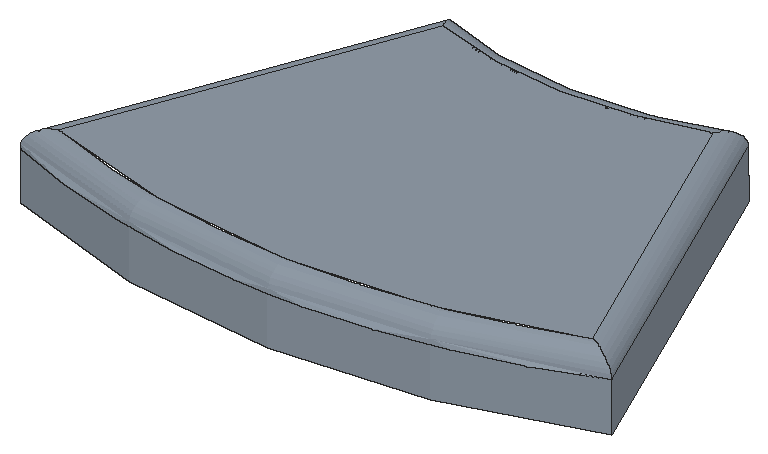
Revit family "FU_Seat_LAP0250TA", category Furniture, Revit 2020
Family settings
  OmniClass Number = 23.40.20.00
  OmniClass Title = General Furniture and Specialties
  Work Plane-Based = No
  Always vertical = Yes
  Cut with Voids When Loaded = No
  Shared = No
  Room Calculation Point = No
Parameters (values of type "LAPSE 0250TA")
  Width = 1080 mm
  URL = "https://www.sandlerseating.com/product/lapse-0250ta/"
  Seat [instance] = Fabric - Gravity - Frozen CPC27
  Model = "LAPSE 0250TA"
  Manufacturer = "Sandler"
  Height = 460 mm
  Description = "Upholstered concave / convex seat."
  Depth = 760 mm
  Default Elevation = 0 mm
Reference planes
  plane 1 "Center (Front/Back)": y = 0
  plane 2: z = 0
  plane 3 "Center (Left/Right)": x = 0
  plane 4 "Right": x = -540
  plane 5 "Left": x = 540
  plane 6 "Back": y = 380
  plane 7 "Front": y = -380
  plane 8 "Height": z = 460
  plane 9 "Seat height": z = 330.553
Forms (mm)
  Extrusion 1, solid, material "Fabric - Gravity - Frozen CPC27" <- "Seat"
    sketch origin (0, 0, 0) x (1, 0, 0) y (0, 1, 0)
      loop
        arc (-543.006, -270.478) -> (0.001, -380) -> (543.01, -270.486) r 1400.922
        line (543.01, -270.486) -> (271.194, 382.844)
        arc (271.194, 382.844) -> (0.024, 327.359) -> (-271.099, 383.072) r 688.959
        line (-271.099, 383.072) -> (-543.006, -270.478)
    from 330.553 to 460
  Sweep 2, void
    path in 3D
      loop
        arc (-543.006, -270.478, 460) -> (0.001, -380, 460) -> (543.01, -270.486, 460) r 1400.922
        line (543.01, -270.486, 460) -> (271.194, 382.844, 460)
        arc (271.194, 382.844, 460) -> (0.024, 327.359, 460) -> (-271.099, 383.072, 460) r 688.959
        line (-271.099, 383.072, 460) -> (-543.006, -270.478, 460)
    profile "Pro_edgeCut_40mm : Pro_edgeCut_40mm" origin (-407.053, 56.297, 460) x (0.92328, -0.384128, 0) y (0, 0, 1)
      loop
        line (7.071, 21.213) -> (-21.213, -7.071) -> (0, -40)
        arc (0, -40) -> (11.716, -11.716) -> (40, 0) r 40
        line (40, 0) -> (7.071, 21.213)
Cuts and joins
  Sweep 2 cuts Extrusion 1
Lines and regions (mm)
  sketch lines
    curve 1: line (-271.099, 383.072, 460) -> (-543.006, -270.478, 460)
    curve 2: arc (543.01, -270.486, 460) -> (0.001, -380, 460) -> (-543.006, -270.478, 460) r 1400.922
    curve 3: line (543.01, -270.486, 460) -> (271.194, 382.844, 460)
    curve 4: arc (-271.099, 383.072, 460) -> (0.024, 327.359, 460) -> (271.194, 382.844, 460) r 688.959
Dimensions and locks
  equal spacing: plane 4 "Right", plane 3 "Center (Left/Right)", plane 5 "Left"
  "Width": plane 4 "Right" to plane 5 "Left"
  equal spacing: plane 6 "Back", plane 1 "Center (Front/Back)", plane 7 "Front"
  "Depth": plane 6 "Back" to plane 7 "Front"
  "Height": plane 8 "Height" to level
  plane 9 "Seat height" to level = 330.553 mm
  aligned and locked: level to plane 2
Automatic sketch dimensions
  plane 6 "Back" to Extrusion 1 sketch curve = 3.072 mm
  plane 3 "Center (Left/Right)" to Extrusion 1 sketch curve = 0.011 mm
  plane 3 "Center (Left/Right)" to Extrusion 1 sketch curve = 0.313 mm
  plane 6 "Back" to Extrusion 1 sketch curve = 2.844 mm
  Extrusion 1 sketch curve to plane 5 "Left" = 3.01 mm
  Extrusion 1 sketch curve to Extrusion 1 sketch curve = 4.605 mm
  plane 4 "Right" to Extrusion 1 sketch curve = 3.006 mm
  plane 7 "Front" to Extrusion 1 sketch curve = 109.514 mm
  Extrusion 1 sketch curve to plane 4 "Right" = 268.901 mm
  plane 3 "Center (Left/Right)" to Extrusion 1 sketch curve = 271.194 mm
